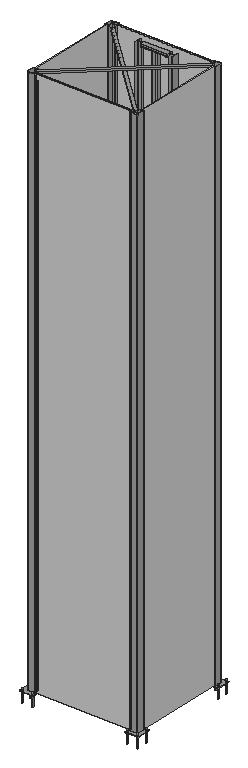
Revit family "1SE_Trez_TC_T_300_With_Pit", category Specialty Equipment, Revit 2019
Family settings
  Round Connector Dimension = Use Diameter
  Part Type = Normal
  Work Plane-Based = No
  Always vertical = Yes
  Cut with Voids When Loaded = Yes
  Shared = No
  Room Calculation Point = No
Parameters (values of type "Platform-1300x1000mm with Door Height 2500mm")
  Side Clearance = 105.0 mm  # constant formula
  Safe Working Load = 300.00 kg  # constant formula
  Safe Space = if(Cabin or Platform = Cabin, 900.0 mm, if(and(Cabin or Platform = Platform, Door Clear Height > 1900.0 mm), 600.0 mm, 0.0 mm))  # 600.0 mm
  Platform = Speciality_Equipment_Trez_Platform_Sgl_C : Platform
  Door Clear Width = Real Width  # 1300.0 mm
  Door Clear Height = 2500.0 mm
  D-Side = yes
  Clear Width = 1300.0 mm
  URL = "https://trez.bg/en/products/goods-only-lift-tc/tc-t-tower/"
  Tower Width = Real Width + 2 * Side Clearance  # 1510.0 mm
  Tower Depth = Real Depth + Side Clearance + Clearance  # 1430.0 mm
  Tower Cladding Material = TREZ_Steel_Cladding
  Real Width = if(Clear Width < 600.0 mm, 600.0 mm, if(Clear Width > 1300.0 mm, 1300.0 mm, Clear Width))  # 1300.0 mm
  Real Depth = if(Clear Depth < 650.0 mm, 650.0 mm, if(Clear Depth > 1000.0 mm, 1000.0 mm, Clear Depth))  # 1000.0 mm
  Profiles Material = TREZ_Steel
  Platform Material = TREZ_Steel
  Pit Height = 120.0 mm  # constant formula
  Travel = 4500.0 mm
  Rail Height = Travel + Pit Height + Headroom  # 7720.0 mm
  Model = "TC T 300"
  Manufacturer = "TREZ Ltd."
  Headroom = Door Clear Height + Safe Space  # 3100.0 mm
  Description = "TC T is the best choice when the budget is small, but the safety requirements are high. TC T is not fixed forever to the building. It can be installed directly on the ground floor and later dismounted and installed in another place. The TC T complies with the machinery directive 2006/42/EC. From the menu below, you can choose the lift and the tower options to fit perfectly for your project."  # constant formula
  Clear Depth = 1000.0 mm
  Created By URL = "https://all1studio.com/"
  Created By = "All 1 Studio Ltd."
  Clearance = 325.0 mm  # constant formula
  Cabin or Platform = Speciality_Equipment_Trez_Platform_Sgl_C : Platform
  Cabin = Speciality_Equipment_Trez_Cabin_Sgl_C : Cabin
  C-Side = 1 = 1  # yes
  B-Side = yes
  A-Side = no
Reference planes
  plane 1 "Center (Front/Back)": y = 0
  plane 2: z = 0
  plane 3 "Center (Left/Right)": x = 0
  plane 4: x = -650
  plane 5: x = 650
  plane 6: y = 500
  plane 7: y = -500
  plane 8: x = 755
  plane 9: y = 825
  plane 10: x = -755
  plane 11: y = -605
  plane 12: x = 700
  plane 13: x = -700
  plane 14: y = 770
  plane 15: y = -550
  plane 16: z = 4500
  plane 17 "Top of Lift": z = 7600
  plane 18 "Pit": z = -120
  plane 19: x = -708.5
  plane 20: x = 708.5
  plane 21: x = -739.032
  plane 22: x = -721.032
  plane 23: y = 809
  plane 24: y = 791
  plane 25: x = 739
  plane 26: x = 721
  plane 27: y = -589
  plane 28: y = -571
  plane 29: x = -815
  plane 30: y = 885
  plane 31: x = 815
  plane 32: y = -665
  plane 33: z = 7540
  plane 34: z = 40
  plane 35: z = -145
  plane 36: y = 638.5
  plane 37: y = 1035
  plane 38: x = -650
  plane 39: y = -500
  plane 40: x = 650
  plane 41: y = 720
Forms (mm)
  Extrusion 1, solid, material "TREZ_Steel_Cladding" <- "Tower Cladding Material", detail levels coarse+medium
    sketch origin (0, 0, 0) x (1, 0, 0) y (0, 1, 0)
      loop
        line (-755, -605) -> (-650, -605) -> (-650, -589) -> (650, -589) -> (650, -605) -> (755, -605) -> (755, -500) -> (739, -500) -> (739, 720) -> (755, 720) -> (755, 825) -> (650, 825) -> (650, 809) -> (-650, 809) -> (-650, 825) -> (-755, 825) -> (-755, 720) -> (-739.032, 720) -> (-739.032, -500) -> (-755, -500) -> (-755, -605)
      loop
        line (-700, -550) -> (-650, -550) -> (-650, -571) -> (650, -571) -> (650, -550) -> (700, -550) -> (700, -500) -> (721, -500) -> (721, 720) -> (700, 720) -> (700, 770) -> (650, 770) -> (650, 791) -> (-650, 791) -> (-650, 770) -> (-700, 770) -> (-700, 720) -> (-721.032, 720) -> (-721.032, -500) -> (-700, -500) -> (-700, -550)
    from 0 to 7600
  Extrusion 2, void
    sketch origin (0, 0, 0) x (1, 0, 0) y (0, 1, 0)
      loop
        line (-700, 770) -> (-700, -550) -> (700, -550) -> (700, 770) -> (-700, 770)
    from 0 to -120
  Extrusion 3, solid, material "TREZ_Steel" <- "Profiles Material", detail levels fine
    sketch origin (0, 0, 0) x (1, 0, 0) y (0, 1, 0)
      loop
        arc (-755, -598) -> (-752.95, -602.95) -> (-748, -605) r 7
        line (-748, -605) -> (-657, -605)
        arc (-657, -605) -> (-652.05, -602.95) -> (-650, -598) r 7
        line (-650, -598) -> (-650, -557)
        arc (-650, -557) -> (-652.05, -552.05) -> (-657, -550) r 7
        line (-657, -550) -> (-693, -550)
        arc (-693, -550) -> (-697.95, -547.95) -> (-700, -543) r 7
        line (-700, -543) -> (-700, -507)
        arc (-700, -507) -> (-702.05, -502.05) -> (-707, -500) r 7
        line (-707, -500) -> (-748, -500)
        arc (-748, -500) -> (-752.95, -502.05) -> (-755, -507) r 7
        line (-755, -507) -> (-755, -598)
      loop
        line (-653, -598) -> (-653, -557)
        arc (-653, -557) -> (-654.172, -554.172) -> (-657, -553) r 4
        line (-657, -553) -> (-693, -553)
        arc (-693, -553) -> (-700.071, -550.071) -> (-703, -543) r 10
        line (-703, -543) -> (-703, -507)
        arc (-703, -507) -> (-704.172, -504.172) -> (-707, -503) r 4
        line (-707, -503) -> (-748, -503)
        arc (-748, -503) -> (-750.828, -504.172) -> (-752, -507) r 4
        line (-752, -507) -> (-752, -598)
        arc (-752, -598) -> (-750.828, -600.828) -> (-748, -602) r 4
        line (-748, -602) -> (-657, -602)
        arc (-657, -602) -> (-654.172, -600.828) -> (-653, -598) r 4
      loop
        line (755, -598) -> (755, -507)
        arc (755, -507) -> (752.95, -502.05) -> (748, -500) r 7
        line (748, -500) -> (707, -500)
        arc (707, -500) -> (702.05, -502.05) -> (700, -507) r 7
        line (700, -507) -> (700, -543)
        arc (700, -543) -> (697.95, -547.95) -> (693, -550) r 7
        line (693, -550) -> (657, -550)
        arc (657, -550) -> (652.05, -552.05) -> (650, -557) r 7
        line (650, -557) -> (650, -598)
        arc (650, -598) -> (652.05, -602.95) -> (657, -605) r 7
        line (657, -605) -> (748, -605)
        arc (748, -605) -> (752.95, -602.95) -> (755, -598) r 7
      loop
        arc (653, -598) -> (654.172, -600.828) -> (657, -602) r 4
        line (657, -602) -> (748, -602)
        arc (748, -602) -> (750.828, -600.828) -> (752, -598) r 4
        line (752, -598) -> (752, -507)
        arc (752, -507) -> (750.828, -504.172) -> (748, -503) r 4
        line (748, -503) -> (707, -503)
        arc (707, -503) -> (704.172, -504.172) -> (703, -507) r 4
        line (703, -507) -> (703, -543)
        arc (703, -543) -> (700.071, -550.071) -> (693, -553) r 10
        line (693, -553) -> (657, -553)
        arc (657, -553) -> (654.172, -554.172) -> (653, -557) r 4
        line (653, -557) -> (653, -598)
      loop
        line (-755, 818) -> (-755, 727)
        arc (-755, 727) -> (-752.95, 722.05) -> (-748, 720) r 7
        line (-748, 720) -> (-707, 720)
        arc (-707, 720) -> (-702.05, 722.05) -> (-700, 727) r 7
        line (-700, 727) -> (-700, 763)
        arc (-700, 763) -> (-697.95, 767.95) -> (-693, 770) r 7
        line (-693, 770) -> (-657, 770)
        arc (-657, 770) -> (-652.05, 772.05) -> (-650, 777) r 7
        line (-650, 777) -> (-650, 818)
        arc (-650, 818) -> (-652.05, 822.95) -> (-657, 825) r 7
        line (-657, 825) -> (-748, 825)
        arc (-748, 825) -> (-752.95, 822.95) -> (-755, 818) r 7
      loop
        arc (-653, 818) -> (-654.172, 820.828) -> (-657, 822) r 4
        line (-657, 822) -> (-748, 822)
        arc (-748, 822) -> (-750.828, 820.828) -> (-752, 818) r 4
        line (-752, 818) -> (-752, 727)
        arc (-752, 727) -> (-750.828, 724.172) -> (-748, 723) r 4
        line (-748, 723) -> (-707, 723)
        arc (-707, 723) -> (-704.172, 724.172) -> (-703, 727) r 4
        line (-703, 727) -> (-703, 763)
        arc (-703, 763) -> (-700.071, 770.071) -> (-693, 773) r 10
        line (-693, 773) -> (-657, 773)
        arc (-657, 773) -> (-654.172, 774.172) -> (-653, 777) r 4
        line (-653, 777) -> (-653, 818)
      loop
        arc (755, 818) -> (752.95, 822.95) -> (748, 825) r 7
        line (748, 825) -> (657, 825)
        arc (657, 825) -> (652.05, 822.95) -> (650, 818) r 7
        line (650, 818) -> (650, 777)
        arc (650, 777) -> (652.05, 772.05) -> (657, 770) r 7
        line (657, 770) -> (693, 770)
        arc (693, 770) -> (697.95, 767.95) -> (700, 763) r 7
        line (700, 763) -> (700, 727)
        arc (700, 727) -> (702.05, 722.05) -> (707, 720) r 7
        line (707, 720) -> (748, 720)
        arc (748, 720) -> (752.95, 722.05) -> (755, 727) r 7
        line (755, 727) -> (755, 818)
      loop
        line (653, 818) -> (653, 777)
        arc (653, 777) -> (654.172, 774.172) -> (657, 773) r 4
        line (657, 773) -> (693, 773)
        arc (693, 773) -> (700.071, 770.071) -> (703, 763) r 10
        line (703, 763) -> (703, 727)
        arc (703, 727) -> (704.172, 724.172) -> (707, 723) r 4
        line (707, 723) -> (748, 723)
        arc (748, 723) -> (750.828, 724.172) -> (752, 727) r 4
        line (752, 727) -> (752, 818)
        arc (752, 818) -> (750.828, 820.828) -> (748, 822) r 4
        line (748, 822) -> (657, 822)
        arc (657, 822) -> (654.172, 820.828) -> (653, 818) r 4
    from 5 to 7600
  Extrusion 4, solid, material "TREZ_Steel_Cladding" <- "Tower Cladding Material", detail levels fine
    sketch origin (0, 0, 0) x (1, 0, 0) y (0, 1, 0)
      loop
        line (739, 720) -> (721, 720) -> (721, -500) -> (739, -500) -> (739, 720)
      loop
        line (650, 809) -> (-650, 809) -> (-650, 791) -> (650, 791) -> (650, 809)
      loop
        line (650, -571) -> (-650, -571) -> (-650, -589) -> (650, -589) -> (650, -571)
      loop
        line (-721.032, -500) -> (-721.032, 720) -> (-739.032, 720) -> (-739.032, -500) -> (-721.032, -500)
    from 0 to 7600
  Extrusion 5, solid, material "TREZ_Steel" <- "Profiles Material", detail levels fine
    sketch origin (0, 0, 0) x (1, 0, 0) y (0, 1, 0)
      loop
        arc (-637, -665) -> (-632.05, -662.95) -> (-630, -658) r 7
        line (-630, -658) -> (-630, -605) -> (-650, -605) -> (-650, -550) -> (-700, -550) -> (-700, -500) -> (-755, -500) -> (-755, -480) -> (-808, -480)
        arc (-808, -480) -> (-812.95, -482.05) -> (-815, -487) r 7
        line (-815, -487) -> (-815, -658)
        arc (-815, -658) -> (-812.95, -662.95) -> (-808, -665) r 7
        line (-808, -665) -> (-637, -665)
      loop
        line (637, -665) -> (808, -665)
        arc (808, -665) -> (812.95, -662.95) -> (815, -658) r 7
        line (815, -658) -> (815, -487)
        arc (815, -487) -> (812.95, -482.05) -> (808, -480) r 7
        line (808, -480) -> (755, -480) -> (755, -500) -> (700, -500) -> (700, -550) -> (650, -550) -> (650, -605) -> (630, -605) -> (630, -658)
        arc (630, -658) -> (632.05, -662.95) -> (637, -665) r 7
      loop
        line (-637, 885) -> (-808, 885)
        arc (-808, 885) -> (-812.95, 882.95) -> (-815, 878) r 7
        line (-815, 878) -> (-815, 707)
        arc (-815, 707) -> (-812.95, 702.05) -> (-808, 700) r 7
        line (-808, 700) -> (-755, 700) -> (-755, 720) -> (-700, 720) -> (-700, 770) -> (-650, 770) -> (-650, 825) -> (-630, 825) -> (-630, 878)
        arc (-630, 878) -> (-632.05, 882.95) -> (-637, 885) r 7
      loop
        arc (637, 885) -> (632.05, 882.95) -> (630, 878) r 7
        line (630, 878) -> (630, 825) -> (650, 825) -> (650, 770) -> (700, 770) -> (700, 720) -> (755, 720) -> (755, 700) -> (808, 700)
        arc (808, 700) -> (812.95, 702.05) -> (815, 707) r 7
        line (815, 707) -> (815, 878)
        arc (815, 878) -> (812.95, 882.95) -> (808, 885) r 7
        line (808, 885) -> (637, 885)
    from 5 to 0
  Sweep 6, solid, material "TREZ_Steel" <- "Profiles Material", detail levels fine
    path origin (0, 0, 7600) x (-1, 0, 0) y (0, -1, 0)
      loop
        line (700, 550) -> (-700, -770)
    profile origin (0, 110, 7600) x (-0.686013, 0.727589, 0) y (0, 0, 1)
      loop
        line (15, 0) -> (-15, 0) -> (-15, -30) -> (15, -30) -> (15, 0)
  Sweep 7, solid, material "TREZ_Steel" <- "Profiles Material", detail levels fine
    path origin (0, 0, 7600) x (-1, 0, 0) y (0, -1, 0)
      loop
        line (700, -770) -> (-700, 550)
    profile origin (0, 110, 7600) x (0.686013, 0.727589, 0) y (0, 0, 1)
      loop
        line (-15, -60) -> (15, -60) -> (15, -30) -> (-15, -30) -> (-15, -60)
  Extrusion 8, void
    sketch origin (0, 0, 7600) x (-1, 0, 0) y (0, -1, 0)
      loop
        arc (707, -505) -> (702.05, -507.05) -> (700, -512) r 7
        line (700, -512) -> (700, -763)
        arc (700, -763) -> (697.95, -767.95) -> (693, -770) r 7
        line (693, -770) -> (657, -770)
        arc (657, -770) -> (652.05, -772.05) -> (650, -777) r 7
        line (650, -777) -> (650, -818)
        arc (650, -818) -> (652.05, -822.95) -> (657, -825) r 7
        line (657, -825) -> (748, -825)
        arc (748, -825) -> (752.95, -822.95) -> (755, -818) r 7
        line (755, -818) -> (755, -512)
        arc (755, -512) -> (752.95, -507.05) -> (748, -505) r 7
        line (748, -505) -> (707, -505)
      loop
        arc (-650, -777) -> (-652.05, -772.05) -> (-657, -770) r 7
        line (-657, -770) -> (-693, -770)
        arc (-693, -770) -> (-697.95, -767.95) -> (-700, -763) r 7
        line (-700, -763) -> (-700, -512)
        arc (-700, -512) -> (-702.05, -507.05) -> (-707, -505) r 7
        line (-707, -505) -> (-748, -505)
        arc (-748, -505) -> (-752.95, -507.05) -> (-755, -512) r 7
        line (-755, -512) -> (-755, -818)
        arc (-755, -818) -> (-752.95, -822.95) -> (-748, -825) r 7
        line (-748, -825) -> (-657, -825)
        arc (-657, -825) -> (-652.05, -822.95) -> (-650, -818) r 7
        line (-650, -818) -> (-650, -777)
      loop
        arc (-707, 465) -> (-702.05, 467.05) -> (-700, 472) r 7
        line (-700, 472) -> (-700, 543)
        arc (-700, 543) -> (-697.95, 547.95) -> (-693, 550) r 7
        line (-693, 550) -> (-657, 550)
        arc (-657, 550) -> (-652.05, 552.05) -> (-650, 557) r 7
        line (-650, 557) -> (-650, 598)
        arc (-650, 598) -> (-652.05, 602.95) -> (-657, 605) r 7
        line (-657, 605) -> (-748, 605)
        arc (-748, 605) -> (-752.95, 602.95) -> (-755, 598) r 7
        line (-755, 598) -> (-755, 472)
        arc (-755, 472) -> (-752.95, 467.05) -> (-748, 465) r 7
        line (-748, 465) -> (-707, 465)
      loop
        arc (700, 472) -> (702.05, 467.05) -> (707, 465) r 7
        line (707, 465) -> (748, 465)
        arc (748, 465) -> (752.95, 467.05) -> (755, 472) r 7
        line (755, 472) -> (755, 598)
        arc (755, 598) -> (752.95, 602.95) -> (748, 605) r 7
        line (748, 605) -> (657, 605)
        arc (657, 605) -> (652.05, 602.95) -> (650, 598) r 7
        line (650, 598) -> (650, 557)
        arc (650, 557) -> (652.05, 552.05) -> (657, 550) r 7
        line (657, 550) -> (693, 550)
        arc (693, 550) -> (697.95, 547.95) -> (700, 543) r 7
        line (700, 543) -> (700, 472)
    from -60 to 0
  Extrusion 9, solid, material "TREZ_Steel" <- "Profiles Material", detail levels fine
    sketch origin (0, 0, 0) x (1, 0, 0) y (0, 1, 0)
      loop
        circle (-790.697, -649.303) r 6
      loop
        circle (-645.697, -649.303) r 6
      loop
        circle (-790.697, -504.303) r 6
      loop
        circle (790.697, -649.303) r 6
      loop
        circle (645.697, -649.303) r 6
      loop
        circle (790.697, -504.303) r 6
      loop
        circle (-790.697, 869.303) r 6
      loop
        circle (-645.697, 869.303) r 6
      loop
        circle (-790.697, 724.303) r 6
      loop
        circle (790.697, 869.303) r 6
      loop
        circle (645.697, 869.303) r 6
      loop
        circle (790.697, 724.303) r 6
    from -145 to 40
Cuts and joins
  Extrusion 2 cuts Extrusion 1
  Extrusion 8 cuts Sweep 6
  Extrusion 8 cuts Sweep 7
  joined: Extrusion 5, Extrusion 9
Lines and regions (mm)
  symbolic lines, style "Profiles"
    curve 1: line (-755, 825, 0) -> (-650, 825, 0)
    curve 2: line (-650, 825, 0) -> (-650, 770, 0)
    curve 3: line (-650, 770, 0) -> (-700, 770, 0)
    curve 4: line (-700, 770, 0) -> (-700, 720, 0)
    curve 5: line (-700, 720, 0) -> (-755, 720, 0)
    curve 6: line (-755, 720, 0) -> (-755, 825, 0)
    curve 7: line (650, 825, 0) -> (755, 825, 0)
    curve 8: line (755, 825, 0) -> (755, 720, 0)
    curve 9: line (755, 720, 0) -> (700, 720, 0)
    curve 10: line (700, 720, 0) -> (700, 770, 0)
    curve 11: line (700, 770, 0) -> (650, 770, 0)
    curve 12: line (650, 770, 0) -> (650, 825, 0)
    curve 13: line (-755, -500, 0) -> (-700, -500, 0)
    curve 14: line (-700, -500, 0) -> (-700, -550, 0)
    curve 15: line (-700, -550, 0) -> (-650, -550, 0)
    curve 16: line (-650, -550, 0) -> (-650, -605, 0)
    curve 17: line (-650, -605, 0) -> (-755, -605, 0)
    curve 18: line (-755, -605, 0) -> (-755, -500, 0)
    curve 19: line (650, -550, 0) -> (700, -550, 0)
    curve 20: line (700, -550, 0) -> (700, -500, 0)
    curve 21: line (700, -500, 0) -> (755, -500, 0)
    curve 22: line (755, -500, 0) -> (755, -605, 0)
    curve 23: line (755, -605, 0) -> (650, -605, 0)
    curve 24: line (650, -550, 0) -> (650, -605, 0)
    curve 25: line (739, 720, 0) -> (721, 720, 0)
    curve 26: line (739, -500, 0) -> (739, 720, 0)
    curve 27: line (721, -500, 0) -> (739, -500, 0)
    curve 28: line (721, 720, 0) -> (721, -500, 0)
    curve 29: line (650, -571, 0) -> (-650, -571, 0)
    curve 30: line (650, -589, 0) -> (650, -571, 0)
    curve 31: line (-650, -589, 0) -> (650, -589, 0)
    curve 32: line (-650, -571, 0) -> (-650, -589, 0)
    curve 33: line (-721.032, -500, 0) -> (-739.032, -500, 0)
    curve 34: line (-721.032, 720, 0) -> (-721.032, -500, 0)
    curve 35: line (-739.032, 720, 0) -> (-721.032, 720, 0)
    curve 36: line (-739.032, -500, 0) -> (-739.032, 720, 0)
    curve 37: line (-650, 791, 0) -> (650, 791, 0)
    curve 38: line (-650, 809, 0) -> (-650, 791, 0)
    curve 39: line (650, 809, 0) -> (-650, 809, 0)
    curve 40: line (650, 791, 0) -> (650, 809, 0)
  symbolic lines, style "Platform"
    curve 41: line (-650, 500, 0) -> (650, 500, 0)
    curve 42: line (-650, -500, 0) -> (-650, 500, 0)
    curve 43: line (650, -500, 0) -> (-650, -500, 0)
    curve 44: line (650, 500, 0) -> (650, -500, 0)
    curve 45: line (-650, 500, 0) -> (650, -500, 0)
    curve 46: line (650, 500, 0) -> (-650, -500, 0)
  model lines, style "Profiles", detail levels coarse+medium
    curve 47: line (-700, 770, 7600) -> (700, -550, 7600)
    curve 48: line (700, 770, 7600) -> (-700, -550, 7600)
Dimensions and locks
  equal spacing: plane 4, plane 3 "Center (Left/Right)", plane 5
  "Real Width": plane 4 to plane 5
  equal spacing: plane 7, plane 1 "Center (Front/Back)", plane 6
  "Real Depth": plane 7 to plane 6
  "Side Clearance": plane 7 to plane 11
  locked: plane 12 to plane 8 at 55
  locked: plane 10 to plane 13 at 55
  locked: plane 14 to plane 9 at 55
  locked: plane 15 to plane 11 at 55
  "Travel": plane 16 to level
  "Pit Height": level to plane 18 "Pit"
  locked: plane 10 to plane 19 at 46.5
  locked: plane 20 to plane 8 at 46.5
  plane 10 to plane 21 to plane 22 = 15.968 mm locked, 18.0 mm locked
  plane 24 to plane 23 to plane 9 = 18.0 mm locked, 16.0 mm locked
  plane 26 to plane 25 to plane 8 = 18.0 mm locked, 16.0 mm locked
  plane 28 to plane 27 to plane 11 = 18.0 mm locked, 16.0 mm locked
  locked: plane 29 to plane 10 at 60
  locked: plane 9 to plane 30 at 60
  locked: plane 8 to plane 31 at 60
  locked: plane 11 to plane 32 at 60
  "Headroom": plane 17 "Top of Lift" to plane 16
  locked: plane 17 "Top of Lift" to plane 33 at 60
  locked: plane 34 to level at 40
  locked: level to plane 35 at 145
  "Clearance": plane 6 to plane 9
  locked: plane 36 to plane 9 at 186.5
  locked: plane 9 to plane 37 at 210
  "Side Clearance": plane 10 to plane 4
  "Side Clearance": plane 5 to plane 8
  locked: plane 10 to plane 38 at 105
  locked: plane 39 to plane 11 at 105
  locked: plane 40 to plane 8 at 105
  locked: plane 41 to plane 9 at 105
  plane 9 to plane 11 = 1430.0 mm
  plane 10 to plane 8 = 1510.0 mm
  aligned and locked: level to plane 2
  aligned and locked: plane 10 to Extrusion 1 sketch curve
  aligned and locked: plane 13 to Extrusion 1 sketch curve
  aligned and locked: plane 17 "Top of Lift" to Extrusion 1
  aligned and locked: plane 15 to Extrusion 2 sketch curve
  aligned and locked: plane 14 to Extrusion 2 sketch curve
  aligned and locked: Extrusion 2 to plane 18 "Pit"
  aligned and locked: plane 1 "Center (Front/Back)" to nested 1
  aligned and locked: plane 3 "Center (Left/Right)" to nested 1
  aligned and locked: plane 17 "Top of Lift" to Extrusion 3
  aligned and locked: Extrusion 4 sketch curve to plane 25
  aligned and locked: plane 26 to Extrusion 4 sketch curve
  aligned and locked: Extrusion 4 sketch curve to plane 23
  aligned and locked: plane 24 to Extrusion 4 sketch curve
  aligned and locked: plane 28 to Extrusion 4 sketch curve
  aligned and locked: Extrusion 4 sketch curve to plane 27
  aligned and locked: Extrusion 4 sketch curve to plane 22
  aligned and locked: plane 21 to Extrusion 4 sketch curve
  aligned and locked: plane 17 "Top of Lift" to Extrusion 4
  aligned and locked: plane 14 to Sweep 6 sketch curve
  aligned and locked: plane 12 to Sweep 6 sketch curve
  aligned and locked: plane 13 to Sweep 6 sketch curve
  aligned and locked: plane 15 to Sweep 6 sketch curve
  aligned and locked: plane 12 to Sweep 7 sketch curve
  aligned and locked: plane 15 to Sweep 7 sketch curve
  aligned and locked: plane 14 to Sweep 7 sketch curve
  aligned and locked: plane 13 to Sweep 7 sketch curve
  aligned and locked: plane 33 to Extrusion 8
  aligned and locked: plane 17 "Top of Lift" to Extrusion 8
  aligned and locked: Extrusion 9 to plane 35
  aligned and locked: plane 34 to Extrusion 9
  aligned and locked: plane 16 to nested 1
  aligned and locked: nested 3 to plane 3 "Center (Left/Right)"
  aligned and locked: plane 36 to nested 3
  aligned and locked: nested 2 to plane 3 "Center (Left/Right)"
  aligned and locked: nested 2 to plane 37
  aligned and locked: plane 4 to curve 42
  aligned and locked: Extrusion 4 sketch curve to plane 40
  aligned and locked: plane 13 to Extrusion 2 sketch curve
  aligned and locked: plane 12 to Extrusion 2 sketch curve
Automatic sketch dimensions
  plane 9 to Extrusion 8 sketch curve = 0.0 mm  (x2)
  plane 14 to Extrusion 8 sketch curve = 0.0 mm  (x2)
  Extrusion 8 sketch curve to plane 13 = 0.0 mm  (x2)
  Extrusion 8 sketch curve to plane 10 = 0.0 mm  (x2)
  Extrusion 8 sketch curve to Extrusion 8 sketch curve = 7.0 mm  (x9)
  plane 13 to Extrusion 8 sketch curve = 43.0 mm
  Extrusion 8 sketch curve to Extrusion 8 sketch curve = 36.0 mm  (x2)
  plane 19 to Extrusion 8 sketch curve = 1.5 mm  (x2)
  plane 10 to Extrusion 8 sketch curve = 7.0 mm
  Extrusion 8 sketch curve to plane 6 = 12.0 mm
  Extrusion 8 sketch curve to plane 8 = 0.0 mm  (x2)
  Extrusion 8 sketch curve to plane 12 = 0.0 mm  (x2)
  Extrusion 8 sketch curve to plane 6 = 5.0 mm
  plane 8 to Extrusion 8 sketch curve = 7.0 mm  (x3)
  plane 20 to Extrusion 8 sketch curve = 1.5 mm  (x2)
  Extrusion 8 sketch curve to plane 14 = 7.0 mm
  Extrusion 8 sketch curve to plane 11 = 0.0 mm  (x2)
  Extrusion 8 sketch curve to plane 15 = 0.0 mm  (x2)
  plane 12 to Extrusion 8 sketch curve = 7.0 mm
  plane 11 to Extrusion 8 sketch curve = 7.0 mm  (x2)
  plane 12 to Extrusion 8 sketch curve = 43.0 mm
  Extrusion 8 sketch curve to plane 15 = 7.0 mm
  plane 7 to Extrusion 8 sketch curve = 35.0 mm  (x2)
  plane 13 to Extrusion 8 sketch curve = 50.0 mm
  plane 13 to Extrusion 8 sketch curve = 7.0 mm
  curve 47 to plane 12 = 0.0 mm
  curve 48 to plane 12 = 0.0 mm
  curve 48 to plane 13 = 0.0 mm
  curve 47 to plane 13 = 0.0 mm
  plane 14 to curve 48 = 0.0 mm
  plane 14 to curve 47 = 0.0 mm
  curve 48 to plane 15 = 0.0 mm
  curve 47 to plane 15 = 0.0 mm
  plane 17 "Top of Lift" to Sweep 6 sketch curve = 0.0 mm
  profile plane to Sweep 6 sketch curve = 15.0 mm
  Sweep 6 sketch curve to profile plane = 15.0 mm
  Sweep 6 sketch curve to Sweep 6 sketch curve = 30.0 mm
  profile plane to Sweep 7 sketch curve = 15.0 mm
  Sweep 7 sketch curve to profile plane = 15.0 mm
  Sweep 7 sketch curve to plane 17 "Top of Lift" = 60.0 mm
  Sweep 7 sketch curve to plane 17 "Top of Lift" = 30.0 mm
  Extrusion 3 sketch curve to Extrusion 3 sketch curve = 0.0 mm  (x48)
  Extrusion 3 sketch curve to plane 10 = 0.0 mm  (x2)
  Extrusion 3 sketch curve to plane 11 = 0.0 mm  (x2)
  plane 41 to Extrusion 3 sketch curve = 0.0 mm  (x2)
  plane 9 to Extrusion 3 sketch curve = 0.0 mm  (x2)
  plane 39 to Extrusion 3 sketch curve = 0.0 mm  (x2)
  Extrusion 3 sketch curve to plane 13 = 0.0 mm  (x2)
  plane 14 to Extrusion 3 sketch curve = 0.0 mm  (x2)
  Extrusion 3 sketch curve to plane 15 = 0.0 mm  (x2)
  Extrusion 3 sketch curve to plane 38 = 0.0 mm  (x2)
  Extrusion 3 sketch curve to plane 40 = 0.0 mm  (x2)
  Extrusion 3 sketch curve to plane 12 = 0.0 mm  (x2)
  Extrusion 3 sketch curve to plane 8 = 0.0 mm  (x2)
  Extrusion 3 sketch curve to Extrusion 3 sketch curve = 3.0 mm  (x2)
  plane 10 to Extrusion 3 sketch curve = 3.0 mm
  plane 10 to Extrusion 3 sketch curve = 7.0 mm  (x2)
  Extrusion 3 sketch curve to Extrusion 3 sketch curve = 4.0 mm  (x12)
  plane 19 to Extrusion 3 sketch curve = 1.5 mm  (x2)
  Extrusion 3 sketch curve to Extrusion 3 sketch curve = 7.0 mm  (x2)
  plane 13 to Extrusion 3 sketch curve = 7.0 mm
  Extrusion 3 sketch curve to plane 40 = 3.0 mm
  Extrusion 3 sketch curve to plane 40 = 7.0 mm
  plane 12 to Extrusion 3 sketch curve = 7.0 mm
  plane 20 to Extrusion 3 sketch curve = 1.5 mm  (x2)
  plane 8 to Extrusion 3 sketch curve = 7.0 mm
  plane 9 to curve 1 = 0.0 mm
  curve 1 to plane 10 = 0.0 mm
  curve 13 to plane 10 = 0.0 mm
  curve 35 to plane 21 = 0.0 mm
  curve 34 to plane 22 = 0.0 mm
  curve 5 to plane 13 = 0.0 mm
  curve 14 to plane 13 = 0.0 mm
  curve 16 to plane 15 = 0.0 mm
  curve 16 to plane 38 = 0.0 mm
  plane 23 to curve 38 = 0.0 mm
  curve 38 to plane 38 = 0.0 mm
  curve 32 to plane 27 = 0.0 mm
  curve 32 to plane 38 = 0.0 mm
  curve 1 to plane 38 = 0.0 mm
  curve 45 to plane 5 = 0.0 mm
  plane 24 to curve 40 = 0.0 mm
  curve 40 to plane 40 = 0.0 mm
  plane 9 to curve 7 = 0.0 mm
  curve 7 to plane 40 = 0.0 mm
  curve 24 to plane 11 = 0.0 mm
  curve 24 to plane 40 = 0.0 mm
  curve 29 to plane 28 = 0.0 mm
  curve 29 to plane 40 = 0.0 mm
  curve 19 to plane 12 = 0.0 mm
  curve 10 to plane 12 = 0.0 mm
  curve 25 to plane 26 = 0.0 mm
  curve 26 to plane 25 = 0.0 mm
  curve 22 to plane 8 = 0.0 mm
  curve 7 to plane 8 = 0.0 mm
  curve 16 to plane 11 = 0.0 mm
  curve 19 to plane 15 = 0.0 mm
  plane 39 to curve 13 = 0.0 mm
  plane 39 to curve 26 = 0.0 mm
  plane 39 to curve 33 = 0.0 mm
  plane 39 to curve 22 = 0.0 mm
  plane 41 to curve 25 = 0.0 mm
  plane 41 to curve 10 = 0.0 mm
  plane 41 to curve 36 = 0.0 mm
  plane 41 to curve 4 = 0.0 mm
  plane 14 to curve 12 = 0.0 mm
  plane 14 to curve 4 = 0.0 mm
  Extrusion 1 sketch curve to plane 10 = 0.0 mm
  Extrusion 1 sketch curve to plane 21 = 0.0 mm
  Extrusion 1 sketch curve to plane 22 = 0.0 mm
  Extrusion 1 sketch curve to plane 13 = 0.0 mm
  Extrusion 1 sketch curve to plane 15 = 0.0 mm  (x2)
  Extrusion 1 sketch curve to plane 38 = 0.0 mm  (x4)
  plane 24 to Extrusion 1 sketch curve = 0.0 mm
  Extrusion 1 sketch curve to plane 11 = 0.0 mm  (x2)
  plane 9 to Extrusion 1 sketch curve = 0.0 mm  (x2)
  Extrusion 1 sketch curve to plane 40 = 0.0 mm  (x4)
  plane 23 to Extrusion 1 sketch curve = 0.0 mm
  Extrusion 1 sketch curve to plane 12 = 0.0 mm  (x2)
  Extrusion 1 sketch curve to plane 26 = 0.0 mm
  Extrusion 1 sketch curve to plane 25 = 0.0 mm
  Extrusion 1 sketch curve to plane 8 = 0.0 mm  (x2)
  Extrusion 1 sketch curve to plane 27 = 0.0 mm
  Extrusion 1 sketch curve to plane 28 = 0.0 mm
  plane 39 to Extrusion 1 sketch curve = 0.0 mm  (x4)
  plane 41 to Extrusion 1 sketch curve = 0.0 mm  (x4)
  plane 14 to Extrusion 1 sketch curve = 0.0 mm  (x2)
  Extrusion 5 sketch curve to plane 29 = 0.0 mm  (x2)
  plane 30 to Extrusion 5 sketch curve = 0.0 mm  (x2)
  Extrusion 5 sketch curve to plane 32 = 0.0 mm  (x2)
  Extrusion 5 sketch curve to plane 10 = 0.0 mm  (x2)
  Extrusion 5 sketch curve to plane 13 = 0.0 mm  (x2)
  Extrusion 5 sketch curve to plane 11 = 0.0 mm  (x2)
  Extrusion 5 sketch curve to plane 38 = 0.0 mm  (x2)
  plane 14 to Extrusion 5 sketch curve = 0.0 mm  (x2)
  plane 9 to Extrusion 5 sketch curve = 0.0 mm  (x2)
  Extrusion 5 sketch curve to plane 40 = 0.0 mm  (x2)
  Extrusion 5 sketch curve to plane 15 = 0.0 mm  (x2)
  Extrusion 5 sketch curve to plane 12 = 0.0 mm  (x2)
  Extrusion 5 sketch curve to plane 8 = 0.0 mm  (x2)
  Extrusion 5 sketch curve to plane 31 = 0.0 mm  (x2)
  plane 39 to Extrusion 5 sketch curve = 0.0 mm  (x2)
  plane 41 to Extrusion 5 sketch curve = 0.0 mm  (x2)
  Extrusion 5 sketch curve to Extrusion 5 sketch curve = 7.0 mm  (x3)
  plane 29 to Extrusion 5 sketch curve = 7.0 mm  (x3)
  plane 38 to Extrusion 5 sketch curve = 13.0 mm  (x2)
  Extrusion 5 sketch curve to Extrusion 5 sketch curve = 20.0 mm  (x3)
  plane 40 to Extrusion 5 sketch curve = 20.0 mm
  plane 31 to Extrusion 5 sketch curve = 7.0 mm  (x4)
  Extrusion 5 sketch curve to plane 39 = 13.0 mm  (x2)
  plane 41 to Extrusion 5 sketch curve = 20.0 mm  (x2)
  plane 29 to Extrusion 9 sketch curve = 24.303 mm  (x4)
  plane 39 to Extrusion 9 sketch curve = 4.303 mm  (x2)
  Extrusion 9 sketch curve to plane 41 = 4.303 mm  (x2)
  plane 38 to Extrusion 9 sketch curve = 4.303 mm  (x2)
  plane 40 to Extrusion 9 sketch curve = 4.303 mm  (x2)
  plane 31 to Extrusion 9 sketch curve = 24.303 mm  (x4)
  plane 32 to Extrusion 9 sketch curve = 15.697 mm  (x4)
  plane 30 to Extrusion 9 sketch curve = 15.697 mm  (x4)
  Extrusion 4 sketch curve to plane 4 = 0.0 mm  (x2)
  Extrusion 4 sketch curve to plane 5 = 0.0 mm
  Extrusion 4 sketch curve to plane 7 = 0.0 mm  (x2)
  plane 41 to Extrusion 4 sketch curve = 0.0 mm  (x2)
  plane 6 to curve 46 = 0.0 mm
  curve 42 to plane 7 = 0.0 mm
  radius of Extrusion 9 sketch curve = 6.0 mm  (x12)
Nested families
  nested 1: "Speciality_Equipment_Trez_Platform_Sgl_C" at (0, 0, 4500), type <- "Cabin or Platform", type "Platform"
    with D-Side yes, B-Side yes
  nested 2: "Electrical_Equpment_Trez_Cabinet" at (0, 1035, 0) x (-1, 0, 0) z (0, 0, 1), type "Cabinet"
  nested 3: "Generic_Model_Trez_Rails_Sgl_C" at (0, 638.5, -120) x (0, -1, 0) z (0, 0, 1), type "Rails"
Definition of nested family "Speciality_Equipment_Trez_Platform_Sgl_C"
  Parameters (values of type "Platform")
    Width = 1300.0 mm
    Platform Material = none
    Depth = 1000.0 mm
    D-Side = no
    C-Side = yes
    B-Side = no
    A-Side = no
  Reference planes
    plane 1 "Center (Front/Back)": y = 0
    plane 2 "Bottom": z = 0
    plane 3 "Center (Left/Right)": x = 0
    plane 4: x = 650
    plane 5: x = -650
    plane 6: y = 500
    plane 7: y = -500
    plane 8: y = 535
    plane 9: z = -89
    plane 10: z = 709
    plane 11: x = -685
    plane 12: x = 685
    plane 13: y = -535
  Forms (mm)
    Extrusion 1, solid, material <- "Platform Material", visible <- "C-Side"
      sketch origin (0, 0, 0) x (1, 0, 0) y (0, 1, 0)
        loop
          line (-650, 535) -> (-650, 500) -> (650, 500) -> (650, 535) -> (-650, 535)
      from -89 to 709
    Extrusion 2, solid, material <- "Platform Material", detail levels coarse+medium
      sketch origin (0, 0, 0) x (1, 0, 0) y (0, 0, 1)
        loop
          line (-650, 0) -> (-650, -89) -> (650, -89) -> (650, 0) -> (-650, 0)
      from -500 to 500
    Extrusion 3, solid, material <- "Platform Material", detail levels fine
      sketch origin (0, 0, 0) x (1, 0, 0) y (0, 0, 1)
        loop
          line (-650, 0) -> (-650, -74)
          arc (-650, -74) -> (-645.607, -84.607) -> (-635, -89) r 15
          line (-635, -89) -> (635, -89)
          arc (635, -89) -> (645.607, -84.607) -> (650, -74) r 15
          line (650, -74) -> (650, 0) -> (-650, 0)
      from -500 to 500
    Extrusion 4, solid, material <- "Platform Material", visible <- "A-Side"
      sketch origin (0, -1035, 0) x (1, 0, 0) y (0, 1, 0)
        loop
          line (-650, 535) -> (-650, 500) -> (650, 500) -> (650, 535) -> (-650, 535)
      from -89 to 709
    Extrusion 5, solid, material <- "Platform Material", visible <- "D-Side"
      sketch origin (31.413, 20.624, 0) x (0, -1, 0) y (1, 0, 0)
        loop
          line (-514.376, 653.587) -> (-514.376, 618.587) -> (555.624, 618.587) -> (555.624, 653.587) -> (-514.376, 653.587)
      from -89 to 709
    Extrusion 6, solid, material <- "Platform Material", visible <- "B-Side"
      sketch origin (-1003.587, 20.624, 0) x (0, -1, 0) y (1, 0, 0)
        loop
          line (-514.376, 353.587) -> (-514.376, 318.587) -> (555.624, 318.587) -> (555.624, 353.587) -> (-514.376, 353.587)
      from -89 to 709
  Dimensions and locks
    equal spacing: plane 5, plane 3 "Center (Left/Right)", plane 4
    "Width": plane 5 to plane 4
    equal spacing: plane 7, plane 1 "Center (Front/Back)", plane 6
    "Depth": plane 6 to plane 7
    locked: plane 8 to plane 6 at 35
    locked: plane 2 "Bottom" to plane 9 at 89
    locked: plane 10 to plane 2 "Bottom" at 709
    locked: plane 11 to plane 5 at 35
    locked: plane 4 to plane 12 at 35
    locked: plane 13 to plane 7 at 35
    aligned and locked: level to plane 2 "Bottom"
    aligned and locked: Extrusion 1 sketch curve to plane 8
    aligned and locked: Extrusion 2 sketch curve to plane 2 "Bottom"
    aligned and locked: Extrusion 2 sketch curve to plane 9
    aligned and locked: plane 6 to Extrusion 2
    aligned and locked: plane 7 to Extrusion 2
    aligned and locked: Extrusion 3 sketch curve to plane 2 "Bottom"
    aligned and locked: Extrusion 3 sketch curve to plane 9
    aligned and locked: plane 7 to Extrusion 3
    aligned and locked: plane 6 to Extrusion 3
    aligned and locked: Extrusion 1 to plane 9
    aligned and locked: plane 5 to Extrusion 3
    aligned and locked: plane 5 to Extrusion 2
    aligned and locked: plane 5 to Extrusion 1
    aligned and locked: plane 4 to Extrusion 3
    aligned and locked: plane 4 to Extrusion 2
    aligned and locked: plane 4 to Extrusion 1
    aligned and locked: Extrusion 4 to plane 7
    aligned and locked: plane 13 to Extrusion 4
    aligned and locked: plane 4 to Extrusion 4
    aligned and locked: plane 5 to Extrusion 4
    aligned and locked: plane 12 to Extrusion 5
    aligned and locked: Extrusion 5 to plane 4
    aligned and locked: plane 8 to Extrusion 5
    aligned and locked: plane 13 to Extrusion 5
    aligned and locked: plane 11 to Extrusion 6
    aligned and locked: Extrusion 6 to plane 5
    aligned and locked: plane 8 to Extrusion 6
    aligned and locked: plane 13 to Extrusion 6
  Automatic sketch dimensions
    Extrusion 1 sketch curve to plane 5 = 0.0 mm
    Extrusion 1 sketch curve to plane 4 = 0.0 mm
    Extrusion 1 sketch curve to plane 6 = 0.0 mm
    plane 5 to Extrusion 2 sketch curve = 0.0 mm
    Extrusion 2 sketch curve to plane 4 = 0.0 mm
    plane 5 to Extrusion 3 sketch curve = 0.0 mm
    Extrusion 3 sketch curve to plane 4 = 0.0 mm
    Extrusion 3 sketch curve to plane 5 = 15.0 mm
    Extrusion 3 sketch curve to plane 4 = 15.0 mm
    Extrusion 4 sketch curve to plane 5 = 0.0 mm
    Extrusion 4 sketch curve to plane 4 = 0.0 mm
    plane 13 to Extrusion 4 sketch curve = 0.0 mm
    plane 7 to Extrusion 4 sketch curve = 0.0 mm
    plane 8 to Extrusion 5 sketch curve = 0.0 mm
    plane 13 to Extrusion 5 sketch curve = 0.0 mm
    Extrusion 5 sketch curve to plane 12 = 35.0 mm
    Extrusion 5 sketch curve to Extrusion 5 sketch curve = 35.0 mm
    plane 8 to Extrusion 6 sketch curve = 0.0 mm
    plane 13 to Extrusion 6 sketch curve = 0.0 mm
    Extrusion 6 sketch curve to plane 12 = 1370.0 mm
    Extrusion 6 sketch curve to Extrusion 6 sketch curve = 35.0 mm
Definition of nested family "Electrical_Equpment_Trez_Cabinet"
  Parameters (values of type "SE_Trez_Cabinet")
    Width = 584.0 mm
    Depth = 348.0 mm
    Cabinet Material = none
  Reference planes
    plane 1 "Center (Front/Back)": y = 0
    plane 2: z = 0
    plane 3 "Center (Left/Right)": x = 0
    plane 4: x = -292
    plane 5: x = 292
    plane 6: y = 174
    plane 7: y = -174
    plane 8: z = 100
    plane 9: z = 1000
    plane 10: x = -257
    plane 11: x = 257
  Forms (mm)
    Extrusion 1, solid, material <- "Cabinet Material", detail levels fine
      sketch origin (0, 0, 0) x (1, 0, 0) y (0, 1, 0)
        loop
          line (-292, 174) -> (-292, -174) -> (292, -174) -> (292, 174) -> (-292, 174)
      from 100 to 1000
    Extrusion 2, solid, material <- "Cabinet Material", detail levels fine
      sketch origin (0, 0, 0) x (1, 0, 0) y (0, 1, 0)
        loop
          line (-257, 174) -> (-292, 174) -> (-292, -174) -> (-257, -174) -> (-257, 174)
        loop
          line (257, 174) -> (257, -174) -> (292, -174) -> (292, 174) -> (257, 174)
      from 0 to 100
    Extrusion 3, solid, detail levels coarse+medium
      sketch origin (0, 0, 0) x (1, 0, 0) y (0, 1, 0)
        loop
          line (-292, 174) -> (-292, -174) -> (292, -174) -> (292, 174) -> (-292, 174)
      from 0 to 1000
  Lines and regions (mm)
    symbolic lines
      curve 1: line (-292, 174, 0) -> (292, 174, 0)
      curve 2: line (-292, -174, 0) -> (-292, 174, 0)
      curve 3: line (292, -174, 0) -> (-292, -174, 0)
      curve 4: line (292, 174, 0) -> (292, -174, 0)
  Dimensions and locks
    equal spacing: plane 4, plane 3 "Center (Left/Right)", plane 5
    "Width": plane 4 to plane 5
    equal spacing: plane 7, plane 1 "Center (Front/Back)", plane 6
    "Depth": plane 7 to plane 6
    plane 9 to plane 8 to plane 2 = 900.0 mm locked, 100.0 mm locked
    aligned and locked: level to plane 2
    aligned and locked: plane 6 to Extrusion 1 sketch curve
    aligned and locked: plane 4 to Extrusion 1 sketch curve
    aligned and locked: plane 7 to Extrusion 1 sketch curve
    aligned and locked: plane 5 to Extrusion 1 sketch curve
    aligned and locked: plane 9 to Extrusion 1
    aligned and locked: Extrusion 1 to plane 8
    aligned and locked: Extrusion 2 sketch curve to plane 6
    aligned and locked: plane 10 to Extrusion 2 sketch curve
    aligned and locked: Extrusion 2 sketch curve to Extrusion 1  (x4)
    aligned and locked: plane 6 to Extrusion 2 sketch curve
    aligned and locked: Extrusion 2 sketch curve to plane 11
    aligned and locked: plane 8 to Extrusion 2
    aligned and locked: Extrusion 2 to level
    aligned and locked: Extrusion 3 sketch curve to Extrusion 1  (x4)
    aligned and locked: Extrusion 3 to plane 2
    aligned and locked: plane 9 to Extrusion 3
    aligned and locked: curve 1 to Extrusion 1
    aligned and locked: curve 2 to Extrusion 1
    aligned and locked: curve 3 to Extrusion 1
    aligned and locked: curve 4 to Extrusion 1
Definition of nested family "Generic_Model_Trez_Rails_Sgl_C"
  Parameters (values of type "Rails")
    Profiles Material = none
    Height = 7720.0 mm
  Reference planes
    plane 1 "Center (Front/Back)": y = 0
    plane 2: z = 0
    plane 3 "Center (Left/Right)": x = 0
    plane 4: x = 87.2
    plane 5: x = -87.2
    plane 6: y = 350
    plane 7: y = -350
    plane 8: z = 7720
    plane 9: z = 15
    plane 10: z = 7685
    plane 11: z = -95
  Forms (mm)
    Extrusion 1, solid, material <- "Profiles Material", detail levels fine
      sketch origin (0, 0, 0) x (1, 0, 0) y (0, 1, 0)
        loop
          line (77.2, 350) -> (-77.2, 350)
          arc (-77.2, 350) -> (-84.271, 347.071) -> (-87.2, 340) r 10
          line (-87.2, 340) -> (-87.2, -340)
          arc (-87.2, -340) -> (-84.271, -347.071) -> (-77.2, -350) r 10
          line (-77.2, -350) -> (77.2, -350)
          arc (77.2, -350) -> (84.271, -347.071) -> (87.2, -340) r 10
          line (87.2, -340) -> (87.2, 340)
          arc (87.2, 340) -> (84.271, 347.071) -> (77.2, 350) r 10
      from 0 to 15
    Extrusion 2, solid, material <- "Profiles Material", detail levels fine
      sketch origin (0, 0, 0) x (1, 0, 0) y (0, 1, 0)
        loop
          line (-61.5, -260) -> (28.5, -260) -> (28.5, -252) -> (-3.5, -252)
          arc (-3.5, -252) -> (-7.036, -250.536) -> (-8.5, -247) r 5
          line (-8.5, -247) -> (-8.5, -185) -> (-24.5, -185) -> (-24.5, -247)
          arc (-24.5, -247) -> (-25.964, -250.536) -> (-29.5, -252) r 5
          line (-29.5, -252) -> (-61.5, -252) -> (-61.5, -260)
        loop
          line (-37.94, -40) -> (-1.94, -40)
          arc (-1.94, -40) -> (8.667, -35.607) -> (13.06, -25) r 15
          line (13.06, -25) -> (13.06, 25)
          arc (13.06, 25) -> (8.667, 35.607) -> (-1.94, 40) r 15
          line (-1.94, 40) -> (-37.94, 40) -> (-37.94, -40)
        loop
          line (-61.5, 260) -> (-61.5, 252) -> (-29.5, 252)
          arc (-29.5, 252) -> (-25.964, 250.536) -> (-24.5, 247) r 5
          line (-24.5, 247) -> (-24.5, 185) -> (-8.5, 185) -> (-8.5, 247)
          arc (-8.5, 247) -> (-7.036, 250.536) -> (-3.5, 252) r 5
          line (-3.5, 252) -> (28.5, 252) -> (28.5, 260) -> (-61.5, 260)
      from 15 to 7720
    Extrusion 3, solid, material <- "Profiles Material", detail levels fine
      sketch origin (0, 0, 0) x (1, 0, 0) y (0, 0, 1)
        loop
          line (-51.5, 7720) -> (-51.5, 7690)
          arc (-51.5, 7690) -> (-50.036, 7686.464) -> (-46.5, 7685) r 5
          line (-46.5, 7685) -> (13.5, 7685)
          arc (13.5, 7685) -> (17.036, 7686.464) -> (18.5, 7690) r 5
          line (18.5, 7690) -> (18.5, 7720) -> (-51.5, 7720)
      from -185 to 185
    Extrusion 4, solid, material <- "Profiles Material", detail levels coarse+medium
      sketch origin (0, 0, 0) x (1, 0, 0) y (0, 1, 0)
        loop
          line (87.2, 350) -> (-87.2, 350) -> (-87.2, -350) -> (87.2, -350) -> (87.2, 350)
      from 0 to 15
    Extrusion 5, solid, material <- "Profiles Material", detail levels coarse+medium
      sketch origin (0, 0, 0) x (1, 0, 0) y (0, 1, 0)
        loop
          line (28.5, -185) -> (-61.5, -185) -> (-61.5, -260) -> (28.5, -260) -> (28.5, -185)
        loop
          line (-37.94, -40) -> (13.06, -40) -> (13.06, 40) -> (-37.94, 40) -> (-37.94, -40)
        loop
          line (-61.5, 260) -> (-61.5, 185) -> (28.5, 185) -> (28.5, 260) -> (-61.5, 260)
      from 15 to 7720
    Extrusion 6, solid, material <- "Profiles Material", detail levels coarse+medium
      sketch origin (0, 0, 0) x (1, 0, 0) y (0, 0, 1)
        loop
          line (-51.5, 7720) -> (-51.5, 7690)
          arc (-51.5, 7690) -> (-50.036, 7686.464) -> (-46.5, 7685) r 5
          line (-46.5, 7685) -> (13.5, 7685)
          arc (13.5, 7685) -> (17.036, 7686.464) -> (18.5, 7690) r 5
          line (18.5, 7690) -> (18.5, 7720) -> (-51.5, 7720)
      from -260 to 260
    Extrusion 7, solid, material <- "Profiles Material", detail levels fine
      sketch origin (0, 0, 0) x (1, 0, 0) y (0, 1, 0)
        loop
          circle (46.2, 222.5) r 7.5
        loop
          circle (-43.8, 222.5) r 7.5
        loop
          circle (-43.8, 132.5) r 7.5
        loop
          circle (46.2, -222.5) r 7.5
        loop
          circle (-43.8, -222.5) r 7.5
        loop
          circle (-43.8, -132.5) r 7.5
        loop
          circle (-43.8, -80) r 7.5
        loop
          circle (-43.8, 80) r 7.5
        loop
          circle (46.2, 0.052) r 7.5
      from -95 to 0
  Cuts and joins
    joined: Extrusion 2, Extrusion 3
    joined: Extrusion 5, Extrusion 6
  Lines and regions (mm)
    symbolic lines
      curve 1: line (28.5, 185, 0) -> (-61.5, 185, 0)
      curve 2: line (28.5, 260, 0) -> (28.5, 185, 0)
      curve 3: line (-61.5, 260, 0) -> (28.5, 260, 0)
      curve 4: line (-61.5, 185, 0) -> (-61.5, 260, 0)
      curve 5: line (13.06, 40, 0) -> (-37.94, 40, 0)
      curve 6: line (13.06, -40, 0) -> (13.06, 40, 0)
      curve 7: line (-37.94, -40, 0) -> (13.06, -40, 0)
      curve 8: line (-37.94, 40, 0) -> (-37.94, -40, 0)
      curve 9: line (28.5, -185, 0) -> (-61.5, -185, 0)
      curve 10: line (28.5, -260, 0) -> (28.5, -185, 0)
      curve 11: line (-61.5, -260, 0) -> (28.5, -260, 0)
      curve 12: line (-61.5, -185, 0) -> (-61.5, -260, 0)
      curve 13: line (87.2, -350, 0) -> (-87.2, -350, 0)
      curve 14: line (87.2, 350, 0) -> (87.2, -350, 0)
      curve 15: line (-87.2, 350, 0) -> (87.2, 350, 0)
      curve 16: line (-87.2, -350, 0) -> (-87.2, 350, 0)
  Dimensions and locks
    equal spacing: plane 5, plane 3 "Center (Left/Right)", plane 4
    plane 5 to plane 4 = 174.4 mm
    equal spacing: plane 6, plane 1 "Center (Front/Back)", plane 7
    "Height": plane 8 to plane 2
    locked: plane 9 to plane 2 at 15
    locked: plane 8 to Extrusion 3 sketch curve at 35
    locked: plane 8 to plane 10 at 35
    locked: plane 2 to plane 11 at 95
    aligned and locked: level to plane 2
    aligned and locked: Extrusion 1 sketch curve to plane 6
    aligned and locked: plane 4 to Extrusion 1 sketch curve
    aligned and locked: Extrusion 1 sketch curve to plane 7
    aligned and locked: plane 5 to Extrusion 1 sketch curve
    aligned and locked: plane 8 to Extrusion 2
    aligned and locked: Extrusion 1 to plane 9
    aligned and locked: plane 9 to Extrusion 2
    aligned and locked: Extrusion 4 sketch curve to plane 6
    aligned and locked: plane 4 to Extrusion 4 sketch curve
    aligned and locked: Extrusion 4 sketch curve to plane 7
    aligned and locked: plane 5 to Extrusion 4 sketch curve
    aligned and locked: Extrusion 4 to plane 9
    aligned and locked: Extrusion 4 to plane 2
    aligned and locked: plane 8 to Extrusion 5
    aligned and locked: plane 8 to Extrusion 3 sketch curve
    aligned and locked: Extrusion 3 to Extrusion 5  (x2)
    aligned and locked: Extrusion 7 to plane 11
    aligned and locked: plane 2 to Extrusion 7
  Automatic sketch dimensions
    Extrusion 2 sketch curve to plane 5 = 25.7 mm  (x2)
    Extrusion 2 sketch curve to plane 3 "Center (Left/Right)" = 29.5 mm  (x2)
    Extrusion 2 sketch curve to Extrusion 2 sketch curve = 5.0 mm
    Extrusion 2 sketch curve to plane 3 "Center (Left/Right)" = 24.5 mm
    Extrusion 2 sketch curve to plane 3 "Center (Left/Right)" = 8.5 mm  (x2)
    Extrusion 2 sketch curve to plane 3 "Center (Left/Right)" = 3.5 mm  (x2)
    Extrusion 2 sketch curve to plane 3 "Center (Left/Right)" = 1.94 mm  (x2)
    Extrusion 2 sketch curve to Extrusion 2 sketch curve = 15.0 mm
    plane 3 "Center (Left/Right)" to Extrusion 2 sketch curve = 28.5 mm  (x2)
    plane 7 to Extrusion 2 sketch curve = 90.0 mm
    Extrusion 2 sketch curve to Extrusion 2 sketch curve = 8.0 mm  (x3)
    Extrusion 2 sketch curve to Extrusion 2 sketch curve = 62.0 mm  (x2)
    Extrusion 2 sketch curve to plane 1 "Center (Front/Back)" = 25.0 mm
    plane 6 to Extrusion 2 sketch curve = 165.0 mm
    Extrusion 2 sketch curve to Extrusion 2 sketch curve = 0.0 mm
    Extrusion 2 sketch curve to plane 3 "Center (Left/Right)" = 37.94 mm
    plane 1 "Center (Front/Back)" to Extrusion 2 sketch curve = 40.0 mm
    Extrusion 3 sketch curve to Extrusion 3 sketch curve = 5.0 mm  (x2)
    plane 3 "Center (Left/Right)" to Extrusion 3 sketch curve = 13.5 mm
    Extrusion 3 sketch curve to plane 5 = 40.7 mm
    Extrusion 1 sketch curve to plane 5 = 10.0 mm
    Extrusion 1 sketch curve to Extrusion 1 sketch curve = 10.0 mm
    Extrusion 1 sketch curve to plane 4 = 10.0 mm  (x2)
    Extrusion 6 sketch curve to plane 8 = 0.0 mm
    Extrusion 6 sketch curve to plane 10 = 0.0 mm
    plane 10 to Extrusion 6 sketch curve = 5.0 mm  (x2)
    Extrusion 6 sketch curve to plane 5 = 35.7 mm
    plane 3 "Center (Left/Right)" to Extrusion 6 sketch curve = 13.5 mm
    curve 16 to plane 5 = 0.0 mm
    curve 15 to plane 4 = 0.0 mm
    curve 13 to plane 7 = 0.0 mm
    plane 6 to curve 15 = 0.0 mm
    curve 3 to plane 5 = 25.7 mm
    curve 12 to plane 5 = 25.7 mm
    curve 5 to plane 3 "Center (Left/Right)" = 37.94 mm
    plane 3 "Center (Left/Right)" to curve 5 = 13.06 mm
    plane 3 "Center (Left/Right)" to curve 11 = 28.5 mm
    plane 3 "Center (Left/Right)" to curve 2 = 28.5 mm
    plane 7 to curve 11 = 90.0 mm
    curve 10 to curve 10 = 75.0 mm
    plane 1 "Center (Front/Back)" to curve 7 = 40.0 mm
    curve 5 to plane 1 "Center (Front/Back)" = 40.0 mm
    plane 6 to curve 2 = 165.0 mm
    curve 1 to curve 3 = 75.0 mm
    Extrusion 7 sketch curve to plane 5 = 43.4 mm  (x6)
    Extrusion 7 sketch curve to plane 4 = 41.0 mm  (x3)
    plane 7 to Extrusion 7 sketch curve = 127.5 mm
    Extrusion 7 sketch curve to Extrusion 7 sketch curve = 0.0 mm  (x2)
    Extrusion 7 sketch curve to Extrusion 7 sketch curve = 90.0 mm  (x2)
    plane 6 to Extrusion 7 sketch curve = 217.5 mm
    Extrusion 7 sketch curve to plane 1 "Center (Front/Back)" = 0.052 mm
    plane 1 "Center (Front/Back)" to Extrusion 7 sketch curve = 80.0 mm
    Extrusion 7 sketch curve to plane 1 "Center (Front/Back)" = 80.0 mm
    Extrusion 5 sketch curve to plane 5 = 25.7 mm  (x2)
    Extrusion 5 sketch curve to plane 3 "Center (Left/Right)" = 37.94 mm
    plane 3 "Center (Left/Right)" to Extrusion 5 sketch curve = 13.06 mm
    plane 3 "Center (Left/Right)" to Extrusion 5 sketch curve = 28.5 mm  (x2)
    plane 1 "Center (Front/Back)" to Extrusion 5 sketch curve = 40.0 mm
    Extrusion 5 sketch curve to plane 1 "Center (Front/Back)" = 40.0 mm
    Extrusion 5 sketch curve to Extrusion 5 sketch curve = 145.0 mm  (x2)
    Extrusion 5 sketch curve to Extrusion 5 sketch curve = 75.0 mm  (x2)
    radius of Extrusion 7 sketch curve = 7.5 mm  (x9)
